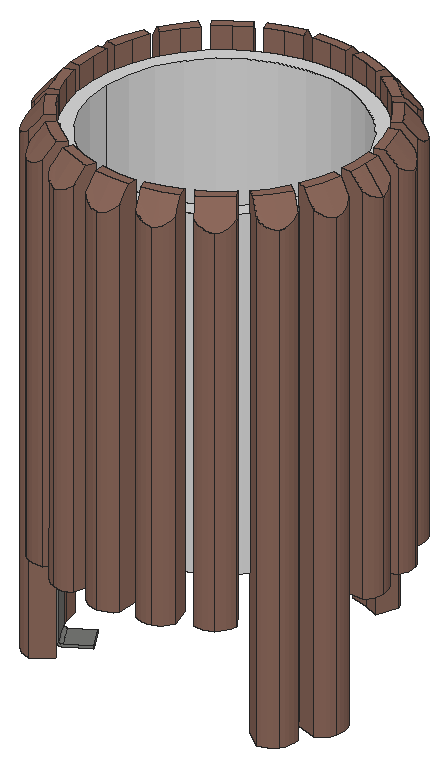
Revit family "Papelera Salou", category Furniture, Revit 2020
Family settings
  OmniClass Number = 23.40.20.00
  OmniClass Title = General Furniture and Specialties
  Work Plane-Based = No
  Always vertical = Yes
  Cut with Voids When Loaded = No
  Shared = No
  Room Calculation Point = No
Parameters (values of type "Papelera Salou-PA641-460mm")
  URL Producto = ""
  Referencia = ""
  Material = none
  H1 = 0.545 m
  H = 0.700 m
  Ficha Tecnica = ""
  Fabricante = ""
  Default Elevation = 0.000 m
  A = 0.460 m
Reference planes (m)
  plane 1 "Center (Front/Back)": y = 0
  plane 2: z = 0
  plane 3 "Center (Left/Right)": x = 0
Forms (m)
  Extrusion 1, solid, material "Concrete"
    sketch origin (0, 0, 0) x (1, 0, 0) y (0, 1, 0)
      loop
        circle (0, 0) r 0.19
      loop
        circle (0, 0) r 0.17
    from 0.20615 to 0.67
  Extrusion 2, solid, material "Concrete"
    sketch origin (0, 0, 0) x (1, 0, 0) y (0, 1, 0)
      loop
        circle (0, 0) r 0.19
      loop
        circle (-0.121244, 0.07) r 0.005
      loop
        circle (0.121244, 0.07) r 0.005
      loop
        circle (0, -0.14) r 0.005
    from 0.20615 to 0.227615
  Extrusion 3, solid, material "Wood"
    sketch origin (0, 0, 0) x (0, 1, 0) y (-1, 0, 0)
      loop
        arc (0.18849, 0.023904) -> (0.189622, 0.011976) -> (0.19, 0) r 0.19
        arc (0.19, 0) -> (0.189622, -0.011976) -> (0.18849, -0.023904) r 0.19
        line (0.18849, -0.023904) -> (0.21849, -0.023904)
        arc (0.21849, -0.023904) -> (0.226739, -0.013153) -> (0.23, 0) r 0.033169
        arc (0.23, 0) -> (0.226739, 0.013153) -> (0.21849, 0.023904) r 0.033169
        line (0.21849, 0.023904) -> (0.18849, 0.023904)
    from 0 to 0.7
  Extrusion 4, solid, material "Wood"
    sketch origin (0, 0, 0) x (-0.309017, 0.951057, 0) y (-0.951057, -0.309017, 0)
      loop
        arc (0.18849, 0.023904) -> (0.189622, 0.011976) -> (0.19, 0) r 0.19
        arc (0.19, 0) -> (0.189622, -0.011976) -> (0.18849, -0.023904) r 0.19
        line (0.18849, -0.023904) -> (0.21849, -0.023904)
        arc (0.21849, -0.023904) -> (0.226739, -0.013153) -> (0.23, 0) r 0.033169
        arc (0.23, 0) -> (0.226739, 0.013153) -> (0.21849, 0.023904) r 0.033169
        line (0.21849, 0.023904) -> (0.18849, 0.023904)
    from 0.155 to 0.7
  Extrusion 5, solid, material "Wood"
    sketch origin (0, 0, 0) x (0.309017, 0.951057, 0) y (-0.951057, 0.309017, 0)
      loop
        arc (0.18849, 0.023904) -> (0.189622, 0.011976) -> (0.19, 0) r 0.19
        arc (0.19, 0) -> (0.189622, -0.011976) -> (0.18849, -0.023904) r 0.19
        line (0.18849, -0.023904) -> (0.21849, -0.023904)
        arc (0.21849, -0.023904) -> (0.226739, -0.013153) -> (0.23, 0) r 0.033169
        arc (0.23, 0) -> (0.226739, 0.013153) -> (0.21849, 0.023904) r 0.033169
        line (0.21849, 0.023904) -> (0.18849, 0.023904)
    from 0 to 0.7
  Extrusion 6, solid, material "Wood"
    sketch origin (0, 0, 0) x (0.587785, 0.809017, 0) y (-0.809017, 0.587785, 0)
      loop
        arc (0.18849, 0.023904) -> (0.189622, 0.011976) -> (0.19, 0) r 0.19
        arc (0.19, 0) -> (0.189622, -0.011976) -> (0.18849, -0.023904) r 0.19
        line (0.18849, -0.023904) -> (0.21849, -0.023904)
        arc (0.21849, -0.023904) -> (0.226739, -0.013153) -> (0.23, 0) r 0.033169
        arc (0.23, 0) -> (0.226739, 0.013153) -> (0.21849, 0.023904) r 0.033169
        line (0.21849, 0.023904) -> (0.18849, 0.023904)
    from 0.155 to 0.7
  Extrusion 7, solid, material "Wood"
    sketch origin (0, 0, 0) x (0.809017, 0.587785, 0) y (-0.587785, 0.809017, 0)
      loop
        arc (0.18849, 0.023904) -> (0.189622, 0.011976) -> (0.19, 0) r 0.19
        arc (0.19, 0) -> (0.189622, -0.011976) -> (0.18849, -0.023904) r 0.19
        line (0.18849, -0.023904) -> (0.21849, -0.023904)
        arc (0.21849, -0.023904) -> (0.226739, -0.013153) -> (0.23, 0) r 0.033169
        arc (0.23, 0) -> (0.226739, 0.013153) -> (0.21849, 0.023904) r 0.033169
        line (0.21849, 0.023904) -> (0.18849, 0.023904)
    from 0.155 to 0.7
  Extrusion 8, solid, material "Wood"
    sketch origin (0, 0, 0) x (0.951057, 0.309017, 0) y (-0.309017, 0.951057, 0)
      loop
        arc (0.18849, 0.023904) -> (0.189622, 0.011976) -> (0.19, 0) r 0.19
        arc (0.19, 0) -> (0.189622, -0.011976) -> (0.18849, -0.023904) r 0.19
        line (0.18849, -0.023904) -> (0.21849, -0.023904)
        arc (0.21849, -0.023904) -> (0.226739, -0.013153) -> (0.23, 0) r 0.033169
        arc (0.23, 0) -> (0.226739, 0.013153) -> (0.21849, 0.023904) r 0.033169
        line (0.21849, 0.023904) -> (0.18849, 0.023904)
    from 0.155 to 0.7
  Extrusion 9, solid, material "Wood"
    sketch origin (0, 0, 0) x (1, 0, 0) y (0, 1, 0)
      loop
        arc (0.18849, 0.023904) -> (0.189622, 0.011976) -> (0.19, 0) r 0.19
        arc (0.19, 0) -> (0.189622, -0.011976) -> (0.18849, -0.023904) r 0.19
        line (0.18849, -0.023904) -> (0.21849, -0.023904)
        arc (0.21849, -0.023904) -> (0.226739, -0.013153) -> (0.23, 0) r 0.033169
        arc (0.23, 0) -> (0.226739, 0.013153) -> (0.21849, 0.023904) r 0.033169
        line (0.21849, 0.023904) -> (0.18849, 0.023904)
    from 0.155 to 0.7
  Extrusion 10, solid, material "Wood"
    sketch origin (0, 0, 0) x (0.951057, -0.309017, 0) y (0.309017, 0.951057, 0)
      loop
        arc (0.18849, 0.023904) -> (0.189622, 0.011976) -> (0.19, 0) r 0.19
        arc (0.19, 0) -> (0.189622, -0.011976) -> (0.18849, -0.023904) r 0.19
        line (0.18849, -0.023904) -> (0.21849, -0.023904)
        arc (0.21849, -0.023904) -> (0.226739, -0.013153) -> (0.23, 0) r 0.033169
        arc (0.23, 0) -> (0.226739, 0.013153) -> (0.21849, 0.023904) r 0.033169
        line (0.21849, 0.023904) -> (0.18849, 0.023904)
    from 0 to 0.7
  Extrusion 11, solid, material "Wood"
    sketch origin (0, 0, 0) x (0.587785, -0.809017, 0) y (0.809017, 0.587785, 0)
      loop
        arc (0.18849, 0.023904) -> (0.189622, 0.011976) -> (0.19, 0) r 0.19
        arc (0.19, 0) -> (0.189622, -0.011976) -> (0.18849, -0.023904) r 0.19
        line (0.18849, -0.023904) -> (0.21849, -0.023904)
        arc (0.21849, -0.023904) -> (0.226739, -0.013153) -> (0.23, 0) r 0.033169
        arc (0.23, 0) -> (0.226739, 0.013153) -> (0.21849, 0.023904) r 0.033169
        line (0.21849, 0.023904) -> (0.18849, 0.023904)
    from 0.155 to 0.7
  Extrusion 12, solid, material "Wood"
    sketch origin (0, 0, 0) x (0.309017, -0.951057, 0) y (0.951057, 0.309017, 0)
      loop
        arc (0.18849, 0.023904) -> (0.189622, 0.011976) -> (0.19, 0) r 0.19
        arc (0.19, 0) -> (0.189622, -0.011976) -> (0.18849, -0.023904) r 0.19
        line (0.18849, -0.023904) -> (0.21849, -0.023904)
        arc (0.21849, -0.023904) -> (0.226739, -0.013153) -> (0.23, 0) r 0.033169
        arc (0.23, 0) -> (0.226739, 0.013153) -> (0.21849, 0.023904) r 0.033169
        line (0.21849, 0.023904) -> (0.18849, 0.023904)
    from 0.155 to 0.7
  Extrusion 13, solid, material "Wood"
    sketch origin (0, 0, 0) x (0, -1, 0) y (1, 0, 0)
      loop
        arc (0.18849, 0.023904) -> (0.189622, 0.011976) -> (0.19, 0) r 0.19
        arc (0.19, 0) -> (0.189622, -0.011976) -> (0.18849, -0.023904) r 0.19
        line (0.18849, -0.023904) -> (0.21849, -0.023904)
        arc (0.21849, -0.023904) -> (0.226739, -0.013153) -> (0.23, 0) r 0.033169
        arc (0.23, 0) -> (0.226739, 0.013153) -> (0.21849, 0.023904) r 0.033169
        line (0.21849, 0.023904) -> (0.18849, 0.023904)
    from 0.155 to 0.7
  Extrusion 14, solid, material "Wood"
    sketch origin (0, 0, 0) x (-0.309017, -0.951057, 0) y (0.951057, -0.309017, 0)
      loop
        arc (0.18849, 0.023904) -> (0.189622, 0.011976) -> (0.19, 0) r 0.19
        arc (0.19, 0) -> (0.189622, -0.011976) -> (0.18849, -0.023904) r 0.19
        line (0.18849, -0.023904) -> (0.21849, -0.023904)
        arc (0.21849, -0.023904) -> (0.226739, -0.013153) -> (0.23, 0) r 0.033169
        arc (0.23, 0) -> (0.226739, 0.013153) -> (0.21849, 0.023904) r 0.033169
        line (0.21849, 0.023904) -> (0.18849, 0.023904)
    from 0.155 to 0.7
  Extrusion 15, solid, material "Wood"
    sketch origin (0, 0, 0) x (-0.587785, -0.809017, 0) y (0.809017, -0.587785, 0)
      loop
        arc (0.18849, 0.023904) -> (0.189622, 0.011976) -> (0.19, 0) r 0.19
        arc (0.19, 0) -> (0.189622, -0.011976) -> (0.18849, -0.023904) r 0.19
        line (0.18849, -0.023904) -> (0.21849, -0.023904)
        arc (0.21849, -0.023904) -> (0.226739, -0.013153) -> (0.23, 0) r 0.033169
        arc (0.23, 0) -> (0.226739, 0.013153) -> (0.21849, 0.023904) r 0.033169
        line (0.21849, 0.023904) -> (0.18849, 0.023904)
    from 0.155 to 0.7
  Extrusion 16, solid, material "Wood"
    sketch origin (0, 0, 0) x (-0.809017, -0.587785, 0) y (0.587785, -0.809017, 0)
      loop
        arc (0.18849, 0.023904) -> (0.189622, 0.011976) -> (0.19, 0) r 0.19
        arc (0.19, 0) -> (0.189622, -0.011976) -> (0.18849, -0.023904) r 0.19
        line (0.18849, -0.023904) -> (0.21849, -0.023904)
        arc (0.21849, -0.023904) -> (0.226739, -0.013153) -> (0.23, 0) r 0.033169
        arc (0.23, 0) -> (0.226739, 0.013153) -> (0.21849, 0.023904) r 0.033169
        line (0.21849, 0.023904) -> (0.18849, 0.023904)
    from 0 to 0.7
  Extrusion 17, solid, material "Wood"
    sketch origin (0, 0, 0) x (-0.951057, -0.309017, 0) y (0.309017, -0.951057, 0)
      loop
        arc (0.18849, 0.023904) -> (0.189622, 0.011976) -> (0.19, 0) r 0.19
        arc (0.19, 0) -> (0.189622, -0.011976) -> (0.18849, -0.023904) r 0.19
        line (0.18849, -0.023904) -> (0.21849, -0.023904)
        arc (0.21849, -0.023904) -> (0.226739, -0.013153) -> (0.23, 0) r 0.033169
        arc (0.23, 0) -> (0.226739, 0.013153) -> (0.21849, 0.023904) r 0.033169
        line (0.21849, 0.023904) -> (0.18849, 0.023904)
    from 0 to 0.7
  Extrusion 18, solid, material "Wood"
    sketch origin (0, 0, 0) x (-1, 0, 0) y (0, -1, 0)
      loop
        arc (0.18849, 0.023904) -> (0.189622, 0.011976) -> (0.19, 0) r 0.19
        arc (0.19, 0) -> (0.189622, -0.011976) -> (0.18849, -0.023904) r 0.19
        line (0.18849, -0.023904) -> (0.21849, -0.023904)
        arc (0.21849, -0.023904) -> (0.226739, -0.013153) -> (0.23, 0) r 0.033169
        arc (0.23, 0) -> (0.226739, 0.013153) -> (0.21849, 0.023904) r 0.033169
        line (0.21849, 0.023904) -> (0.18849, 0.023904)
    from 0.155 to 0.7
  Extrusion 19, solid, material "Wood"
    sketch origin (0, 0, 0) x (-0.951057, 0.309017, 0) y (-0.309017, -0.951057, 0)
      loop
        arc (0.18849, 0.023904) -> (0.189622, 0.011976) -> (0.19, 0) r 0.19
        arc (0.19, 0) -> (0.189622, -0.011976) -> (0.18849, -0.023904) r 0.19
        line (0.18849, -0.023904) -> (0.21849, -0.023904)
        arc (0.21849, -0.023904) -> (0.226739, -0.013153) -> (0.23, 0) r 0.033169
        arc (0.23, 0) -> (0.226739, 0.013153) -> (0.21849, 0.023904) r 0.033169
        line (0.21849, 0.023904) -> (0.18849, 0.023904)
    from 0.155 to 0.7
  Extrusion 20, solid, material "Wood"
    sketch origin (0, 0, 0) x (-0.809017, 0.587785, 0) y (-0.587785, -0.809017, 0)
      loop
        arc (0.18849, 0.023904) -> (0.189622, 0.011976) -> (0.19, 0) r 0.19
        arc (0.19, 0) -> (0.189622, -0.011976) -> (0.18849, -0.023904) r 0.19
        line (0.18849, -0.023904) -> (0.21849, -0.023904)
        arc (0.21849, -0.023904) -> (0.226739, -0.013153) -> (0.23, 0) r 0.033169
        arc (0.23, 0) -> (0.226739, 0.013153) -> (0.21849, 0.023904) r 0.033169
        line (0.21849, 0.023904) -> (0.18849, 0.023904)
    from 0.155 to 0.7
  Extrusion 21, solid, material "Wood"
    sketch origin (0, 0, 0) x (-0.587785, 0.809017, 0) y (-0.809017, -0.587785, 0)
      loop
        arc (0.18849, 0.023904) -> (0.189622, 0.011976) -> (0.19, 0) r 0.19
        arc (0.19, 0) -> (0.189622, -0.011976) -> (0.18849, -0.023904) r 0.19
        line (0.18849, -0.023904) -> (0.21849, -0.023904)
        arc (0.21849, -0.023904) -> (0.226739, -0.013153) -> (0.23, 0) r 0.033169
        arc (0.23, 0) -> (0.226739, 0.013153) -> (0.21849, 0.023904) r 0.033169
        line (0.21849, 0.023904) -> (0.18849, 0.023904)
    from 0.155 to 0.7
  Sweep 22, solid, material "Steel"
    path origin (-0.061614, 0.068762, -0.001875) x (0.852163, 0.523276, 0) y (0, 0, 1)
      loop
        line (-0.17, 0.67) -> (-0.17, 0.01)
        arc (-0.17, 0.01) -> (-0.168536, 0.006464) -> (-0.165, 0.005) r 0.005
        line (-0.165, 0.005) -> (-0.13, 0.005)
    profile origin (-0.206482, -0.020195, 0.338125) x (0.523276, -0.852163, 0) y (0.852163, 0.523276, 0)
      loop
        line (0.065996, 0.00125) -> (0.06563, -0.001728)
        arc (0.06563, -0.001728) -> (0.084725, -0.003013) -> (0.103845, -0.002198) r 0.174277
        line (0.103845, -0.002198) -> (0.103845, 0.000817)
        arc (0.103845, 0.000817) -> (0.084909, -0.000015) -> (0.065996, 0.00125) r 0.171277
  Sweep 23, solid, material "Steel"
    path origin (0.061614, 0.068762, -0.002177) x (-0.852163, 0.523276, 0) y (0, 0, -1)
      loop
        line (-0.17, -0.67) -> (-0.17, -0.01)
        arc (-0.17, -0.01) -> (-0.168536, -0.006464) -> (-0.165, -0.005) r 0.005
        line (-0.165, -0.005) -> (-0.13, -0.005)
    profile origin (0.206482, -0.020195, 0.337823) x (-0.523276, -0.852163, 0) y (0.852163, -0.523276, 0)
      loop
        arc (0.065996, -0.00125) -> (0.084909, 0.000015) -> (0.103845, -0.000817) r 0.171277
        line (0.103845, -0.000817) -> (0.103845, 0.002198)
        arc (0.103845, 0.002198) -> (0.084725, 0.003013) -> (0.06563, 0.001728) r 0.174277
        line (0.06563, 0.001728) -> (0.065996, -0.00125)
  Sweep 24, solid, material "Steel"
    path origin (-0.083996, 0.016437, -0.001875) x (0.000669, -1, 0) y (0, 0, -1)
      loop
        line (-0.17, -0.67) -> (-0.17, -0.01)
        arc (-0.17, -0.01) -> (-0.168536, -0.006464) -> (-0.165, -0.005) r 0.005
        line (-0.165, -0.005) -> (-0.13, -0.005)
    profile origin (-0.08411, 0.186437, 0.338125) x (1, 0.000669, 0) y (-0.000669, 1, 0)
      loop
        arc (0.065996, -0.00125) -> (0.084909, 0.000015) -> (0.103845, -0.000817) r 0.171277
        line (0.103845, -0.000817) -> (0.103845, 0.002198)
        arc (0.103845, 0.002198) -> (0.084725, 0.003013) -> (0.06563, 0.001728) r 0.174277
        line (0.06563, 0.001728) -> (0.065996, -0.00125)
  Extrusion 25, solid, material "Wood"
    sketch origin (0.000969, 0.001174, 0) x (0.809017, -0.587785, 0) y (0.587785, 0.809017, 0)
      loop
        arc (0.18849, 0.023904) -> (0.189622, 0.011976) -> (0.19, 0) r 0.19
        arc (0.19, 0) -> (0.189622, -0.011976) -> (0.18849, -0.023904) r 0.19
        line (0.18849, -0.023904) -> (0.21849, -0.023904)
        arc (0.21849, -0.023904) -> (0.226739, -0.013153) -> (0.23, 0) r 0.033169
        arc (0.23, 0) -> (0.226739, 0.013153) -> (0.21849, 0.023904) r 0.033169
        line (0.21849, 0.023904) -> (0.18849, 0.023904)
    from 0 to 0.7
  Sweep 26, void
    path origin (0, 0, 0) x (1, 0, 0) y (0, 1, 0)
      loop
        circle (0, 0) r 0.2
    profile origin (0, 0.2, 0) x (0, -1, 0) y (0, 0, 1)
      loop
        line (0.001303, 0.705) -> (-0.045847, 0.705) -> (-0.033045, 0.664066) -> (0.001303, 0.705)
Cuts and joins
  joined: Extrusion 1, Extrusion 2
  Sweep 26 cuts Extrusion 3
  Sweep 26 cuts Extrusion 4
  Sweep 26 cuts Extrusion 5
  Sweep 26 cuts Extrusion 6
  Sweep 26 cuts Extrusion 7
  Sweep 26 cuts Extrusion 8
  Sweep 26 cuts Extrusion 9
  Sweep 26 cuts Extrusion 10
  Sweep 26 cuts Extrusion 11
  Sweep 26 cuts Extrusion 12
  Sweep 26 cuts Extrusion 13
  Sweep 26 cuts Extrusion 14
  Sweep 26 cuts Extrusion 15
  Sweep 26 cuts Extrusion 16
  Sweep 26 cuts Extrusion 17
  Sweep 26 cuts Extrusion 18
  Sweep 26 cuts Extrusion 19
  Sweep 26 cuts Extrusion 20
  Sweep 26 cuts Extrusion 21
  Sweep 26 cuts Extrusion 25
Dimensions and locks (m)
  Extrusion 9 to Extrusion 18 = 0.460 m
  Extrusion 10 to Extrusion 9 = 0.545 m
  Extrusion 17 to Extrusion 16 = 0.700 m
  aligned and locked: level to plane 2
